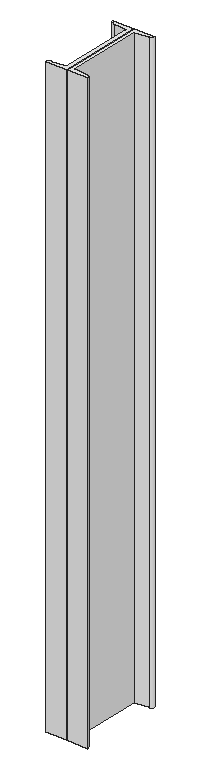
Revit family
Parameters (values of type "2C380X74")
  Space = 0 mm
  Column Material [instance] = Metal - Steel - 345 MPa
  A = 19000.00 mm²
  Assembly Code = "B10"
  W = 1.46
  bf = 94.4 mm
  d = 381 mm
  tf = 16.5 mm
  tw = 18.2 mm
Reference planes
  plane 1: y = 0
  plane 2: z = 0
  plane 3: x = 0
  plane 4: x = -94.4
  plane 5: x = 94.4
  plane 6: y = 190.5
  plane 7: y = -190.5
  plane 8: x = 0
  plane 9: x = 0
  plane 10: y = 174
  plane 11: y = -174
  plane 12: x = 18.2
  plane 13: x = -18.2
  plane 14: x = 77.9
  plane 15: x = -77.9
Forms (mm)
  Extrusion 1, solid, material "Metal - Steel - 345 MPa" <- "Column Material", detail levels medium
    sketch origin (0, 0, 0) x (1, 0, 0) y (0, 1, 0)
      loop
        line (94.4, 190.5) -> (0, 190.5) -> (0, -190.5) -> (94.4, -190.5) -> (94.4, -174) -> (18.2, -161.931) -> (18.2, 161.931) -> (94.4, 174) -> (94.4, 190.5)
    from 0 to 2700
  Extrusion 2, solid, material "Metal - Steel - 345 MPa" <- "Column Material", detail levels fine
    sketch origin (0, 0, 0) x (1, 0, 0) y (0, 1, 0)
      loop
        line (94.4, 190.5) -> (0, 190.5) -> (0, -190.5) -> (94.4, -190.5)
        arc (94.4, -190.5) -> (89.567, -178.833) -> (77.9, -174) r 16.5
        line (77.9, -174) -> (18.2, -164.544) -> (18.2, 164.544) -> (77.9, 174)
        arc (77.9, 174) -> (89.567, 178.833) -> (94.4, 190.5) r 16.5
    from 0 to 2700
  Extrusion 3, solid, material "Metal - Steel - 345 MPa" <- "Column Material", detail levels medium
    sketch origin (0, 0, 0) x (-1, 0, 0) y (0, -1, 0)
      loop
        line (94.4, -190.5) -> (94.4, -174) -> (18.2, -161.931) -> (18.2, 161.931) -> (94.4, 174) -> (94.4, 190.5) -> (0, 190.5) -> (0, -190.5) -> (94.4, -190.5)
    from 0 to 2700
  Extrusion 4, solid, material "Metal - Steel - 345 MPa" <- "Column Material", detail levels fine
    sketch origin (0, 0, 0) x (-1, 0, 0) y (0, -1, 0)
      loop
        arc (94.4, -190.5) -> (89.567, -178.833) -> (77.9, -174) r 16.5
        line (77.9, -174) -> (18.2, -164.544) -> (18.2, 164.544) -> (77.9, 174)
        arc (77.9, 174) -> (89.567, 178.833) -> (94.4, 190.5) r 16.5
        line (94.4, 190.5) -> (0, 190.5) -> (0, -190.5) -> (94.4, -190.5)
    from 0 to 2700
Lines and regions (mm)
  symbolic lines, style "StructuralColumnStickSymbols", detail levels coarse
    curve 1: line (0, 190.5, 0) -> (94.4, 190.5, 0)
    curve 2: line (0, -190.5, 0) -> (94.4, -190.5, 0)
    curve 3: line (0, 190.5, 0) -> (0, -190.5, 0)
    curve 6: line (0, 190.5, 0) -> (-94.4, 190.5, 0)
    curve 7: line (0, -190.5, 0) -> (-94.4, -190.5, 0)
    curve 8: line (0, 190.5, 0) -> (0, -190.5, 0)
  symbolic lines, style "Hidden Faces", detail levels medium+fine
    curve 4: line (-18.2, 0, 0) -> (-18.2, 0, 2700)
    curve 5: line (18.2, 0, 2700) -> (18.2, 0, 0)
Dimensions and locks
  equal spacing: plane 7, plane 1, plane 6
  "d": plane 7 to plane 6
  equal spacing: plane 8, plane 3, plane 9
  "Space": plane 8 to plane 9
  "bf": plane 9 to plane 5
  "bf": plane 4 to plane 8
  "tf": plane 6 to plane 10
  "tf": plane 7 to plane 11
  "tw": plane 9 to plane 12
  "tw": plane 8 to plane 13
  "tf": plane 14 to plane 5
  "tf": plane 15 to plane 4
  "tf": radius of Extrusion 2 sketch curve  (x2)
  "tf": radius of Extrusion 4 sketch curve  (x2)
  locked: plane 10 to Extrusion 1 sketch curve (angle 9.00°)
  locked: Extrusion 1 sketch curve to plane 11 (angle 9.00°)
  locked: Extrusion 2 sketch curve to plane 11 (angle 9.00°)
  angle plane 10 to Extrusion 2 sketch curve = 9.00°
  locked: Extrusion 3 sketch curve to plane 10 (angle 9.00°)
  locked: plane 11 to Extrusion 3 sketch curve (angle 9.00°)
  locked: Extrusion 4 sketch curve to plane 10 (angle 9.00°)
  locked: plane 11 to Extrusion 4 sketch curve (angle 9.00°)
  aligned and locked: level to plane 2
  aligned and locked: plane 9 to curve 2
  aligned and locked: plane 9 to curve 1
  aligned and locked: plane 5 to curve 2
  aligned and locked: plane 5 to curve 1
  aligned and locked: plane 6 to curve 1
  aligned and locked: curve 7 to plane 7
  aligned and locked: curve 6 to plane 6
  aligned and locked: plane 4 to curve 6
  aligned and locked: plane 4 to curve 7
  aligned and locked: plane 7 to curve 3
  aligned and locked: plane 8 to curve 7
  aligned and locked: plane 8 to curve 6
  aligned and locked: level to curve 5
  aligned and locked: level to curve 4
  aligned and locked: plane 12 to curve 5
  aligned and locked: plane 13 to curve 4
  aligned and locked: plane 6 to Extrusion 1 sketch curve
  aligned and locked: Extrusion 1 sketch curve to plane 9
  aligned and locked: Extrusion 1 sketch curve to plane 7
  aligned and locked: plane 12 to Extrusion 1 sketch curve
  aligned and locked: plane 5 to Extrusion 1 sketch curve  (x4)
  aligned and locked: plane 11 to Extrusion 1 sketch curve
  aligned and locked: Extrusion 2 sketch curve to plane 6
  aligned and locked: plane 9 to Extrusion 2 sketch curve
  aligned and locked: plane 7 to Extrusion 2 sketch curve
  aligned and locked: Extrusion 2 sketch curve to plane 12
  aligned and locked: plane 14 to Extrusion 2 sketch curve  (x4)
  aligned and locked: plane 11 to Extrusion 2 sketch curve
  aligned and locked: plane 10 to Extrusion 2 sketch curve
  aligned and locked: plane 7 to Extrusion 3 sketch curve
  aligned and locked: plane 8 to Extrusion 3 sketch curve
  aligned and locked: Extrusion 3 sketch curve to plane 6
  aligned and locked: plane 4 to Extrusion 3 sketch curve  (x2)
  aligned and locked: Extrusion 3 sketch curve to plane 13
  aligned and locked: Extrusion 4 sketch curve to plane 8
  aligned and locked: plane 6 to Extrusion 4 sketch curve  (x2)
  aligned and locked: plane 13 to Extrusion 4 sketch curve
  aligned and locked: Extrusion 4 sketch curve to plane 7
  aligned and locked: plane 7 to Extrusion 4 sketch curve
  aligned and locked: plane 15 to Extrusion 4 sketch curve  (x2)
  aligned and locked: level to Extrusion 2
  aligned and locked: level to Extrusion 4
  aligned and locked: level to Extrusion 1
  aligned and locked: level to Extrusion 3
  aligned and locked: Extrusion 1 to plane 2
  aligned and locked: Extrusion 3 to plane 2
  aligned and locked: Extrusion 2 to plane 2
  aligned and locked: Extrusion 4 to plane 2
Automatic sketch dimensions
  curve 5 to level = 0 mm
  curve 4 to level = 0 mm
  Extrusion 1 sketch curve to plane 10 = 0 mm
  Extrusion 3 sketch curve to plane 11 = 0 mm
  Extrusion 3 sketch curve to plane 10 = 0 mm
